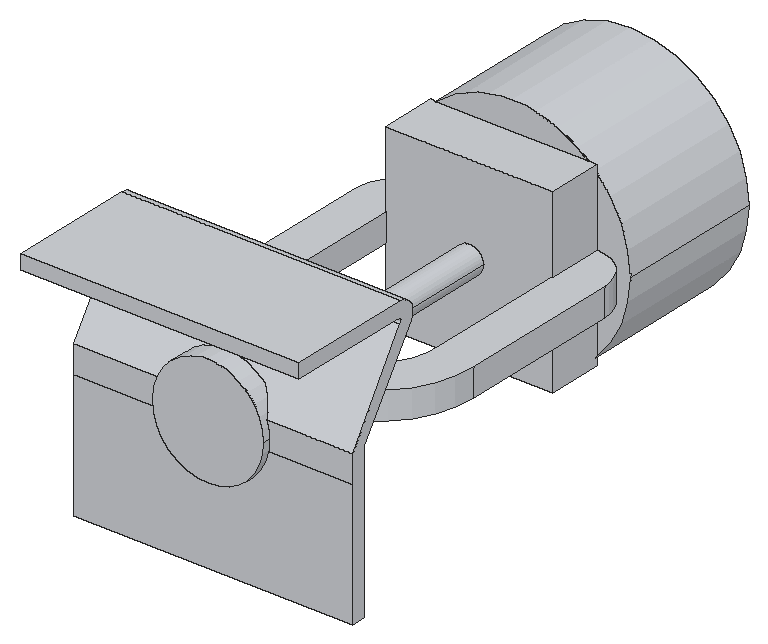
Revit family
Parameters (values of type "RASCO F1FR QREC EC9")
  Temperature Rating = 135 °F
  Response = 1
  RASCO SIN # = "R4862"
  RASCO Part # = "F1FREC90B"
  Pressure Rating = "300 PSI"
  Pressure Class = 1
  Orifice Size = 17/32"
  Orifice = (empty or 0)
  Model = "F1FR"
  Manufacturer = "RASCO"
  K-Factor = 8
  Description = "Bronze Finish"
  Coverage = 1
Reference planes (in)
  plane 1 "Center (Front/Back)": y = 0
  plane 2: z = 0
  plane 3 "Center (Left/Right)": x = 0
Dimensions and locks (in)
  aligned and locked: plane 2 to level
Nested families (in)
  nested 1: "RASCO- F1FREC90B" at (-4.13928, -0.61466, 0), type "RASCO F1FR OREC EC9"
Connectors (in)
  piping at (-4.15164, 0.73459, 1.25584)
    settings: on nested 1, index 1, connector radius 17/32", flow factor 0, pipe flow 0 GPM, pressure drop 0.00 psi, fitting loss kfactor 0, connector angle 0.00°, fixture units 0, flow configuration 0, flow direction 0, fitting loss method 0, system type 7, connector reference index -1, connector utility 0, adjustable connector no, is connector primary yes, fitting loss table "", connector description ""
Definition of nested family "RASCO- F1FREC90B"
  Parameters (values of type "RASCO F1FR OREC EC9")
    Type Comments = ""
    Temperature Rating = 0 °F
    Response = (empty or 0)
    Pressure Rating = "0"
    Pressure Class = (empty or 0)
    Orifice Size = 0"
    Orifice = (empty or 0)
    Model = ""
    Manufacturer = ""
    K-Factor = 0
    Description = ""
    Coverage = (empty or 0)
    Assembly Code = ""
  Reference planes (in)
    plane 1 "Center (Front/Back)": y = 0
    plane 2: z = 0
    plane 3 "ref.2": z = 0.6875
    plane 4 "ref.3": z = 0.9375
    plane 5: x = -0.38065
    plane 6: x = 0.36935
    plane 7 "ref. side 1": y = 0.06402
    plane 8 "ref. side 2": y = -0.06098
    plane 9 "ref.4": z = 1.875
    plane 10 "ref.5": z = 2.3125
    plane 11 "ref.6": z = 2.4375
    plane 12 "center": x = -0.00574
  Forms (in)
    Extrusion 1, solid
      sketch origin (-0.01236, 1.37309, 1.25584) x (-1, 0, 0) y (0, 0, -1)
        loop
          circle (0, 0) r 0.53125
      from 0.02383 to 0.6875
    Extrusion 2, solid
      sketch origin (0.10949, 0.68559, 1.20407) x (-1, 0, 0) y (0, 0, -1)
        loop
          line (-0.2588, 0.356) -> (-0.2588, -0.4565) -> (0.4912, -0.4565) -> (0.4912, 0.356) -> (-0.2588, 0.356)
      from 0 to 0.25
    Extrusion 3, solid
      sketch origin (-0.01236, 1.3722, 1.25584) x (-1, 0, 0) y (0, -1, 0)
        loop
          line (-0.38065, 0.68754) -> (-0.38065, 1.58397)
          arc (-0.38065, 1.58397) -> (-0.29541, 1.78976) -> (-0.08962, 1.875) r 0.29103
          line (-0.08962, 1.875) -> (0.07524, 1.875)
          arc (0.07524, 1.875) -> (0.28321, 1.78886) -> (0.36935, 1.58089) r 0.29411
          line (0.36935, 1.58089) -> (0.36935, 0.68751)
          arc (0.36935, 0.68751) -> (0.50207, 0.74393) -> (0.55685, 0.87734) r 0.18984
          line (0.55685, 0.87734) -> (0.55685, 1.61676)
          arc (0.55685, 1.61676) -> (0.42629, 1.93194) -> (0.11111, 2.0625) r 0.44574
          line (0.11111, 2.0625) -> (-0.12259, 2.0625)
          arc (-0.12259, 2.0625) -> (-0.43765, 1.932) -> (-0.56815, 1.61694) r 0.44556
          line (-0.56815, 1.61694) -> (-0.56815, 0.87876)
          arc (-0.56815, 0.87876) -> (-0.51345, 0.74486) -> (-0.38065, 0.68754) r 0.19126
      from -0.06402 to 0.06098
    Extrusion 4, solid
      sketch origin (-0.01236, 0.43559, 1.25584) x (1, 0, 0) y (0, 0, 1)
        loop
          circle (0.00574, -0.00152) r 0.0625
      from 0 to 0.9375
    Extrusion 5, solid
      sketch origin (-0.01236, -0.50191, 1.25584) x (1, 0, 0) y (0, 0, 1)
        loop
          circle (0.00574, -0.00152) r 0.1875
      from 0 to 0.4375
    Extrusion 6, solid
      sketch origin (-0.01236, -0.89954, 1.2504) x (-1, 0, 0) y (0, 0, 1)
        loop
          circle (-0.00574, -0.00245) r 0.25
      from -0.13498 to -0.03987
    Extrusion 7, solid
      sketch origin (-0.00662, 1.2679, 1.26334) x (0, -1, 0) y (0, 0, 1)
        loop
          line (2.27263, -0.06402) -> (2.27263, 0.06098) -> (2.00466, 0.4658)
          arc (2.00466, 0.4658) -> (2.00382, 0.48409) -> (2.01953, 0.49348) r 0.01783
          line (2.01953, 0.49348) -> (2.57559, 0.49348) -> (2.57559, 0.55848) -> (2.00257, 0.55848)
          arc (2.00257, 0.55848) -> (1.94355, 0.52319) -> (1.9467, 0.4545) r 0.067
          line (1.9467, 0.4545) -> (2.20719, 0.06098) -> (2.20719, -0.62964) -> (2.27263, -0.62964) -> (2.27263, -0.06402)
      from -0.62515 to 0.62904
  Cuts and joins
    joined: Extrusion 1, Extrusion 2, Extrusion 4
